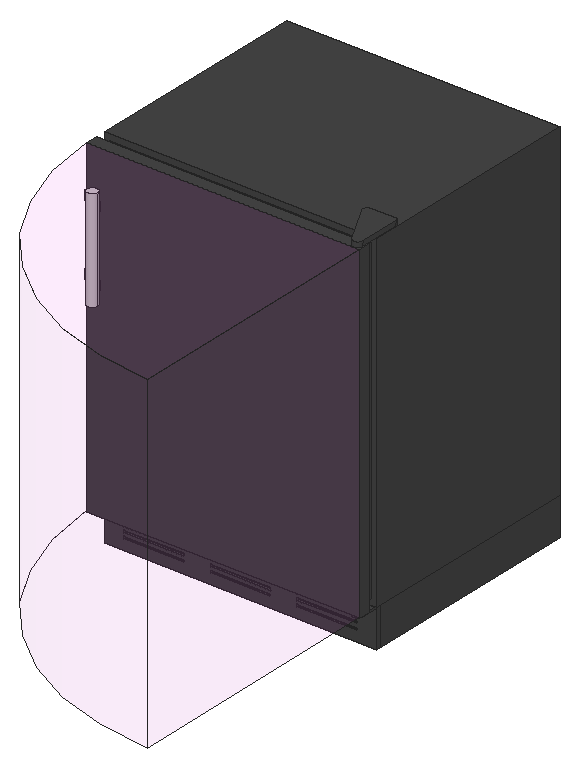
Revit family "QF_Summit_FF63BK_Refrigerator", category Specialty Equipment, Revit 2020
Family settings
  Round Connector Dimension = Use Diameter
  Part Type = Normal
  Work Plane-Based = No
  Always vertical = Yes
  Cut with Voids When Loaded = No
  Shared = No
  Room Calculation Point = No
Parameters
  Weight in Pounds = 100
  Watts = Volts * FL Amps  # 92 W
  Volts = 115 V
  URL Cutsheet = ""
  Specification by User = ""
  Specification by Manufacturer = ""
  Show LHD [instance] = no
  Right Hinged Door [instance] = not(Show LHD)  # yes
  Serial Number = ""
  Seismic Rating = ""
  SMACNA No = ""
  Revision Code = ""
  Refrigerant Volume = 0.00 kip
  Refrigerant Type = "R600a"
  Phase = 1
  Number of Poles = 1
  NAFEM Spec ID Number = ""
  Model = "FF63BK"
  Min Ckt Ampacity = 0 A
  Max Overcurrent Protection = 0 A
  Masterspec = ""
  Manufacturer = "Summit"
  Length = 23 5/8"
  Item Number = ""
  Installed By = ""
  Identify Quantity as Lot = yes
  Height = 32.63"
  HP = ""
  Furnished By = ""
  Foodservice Equipment Identifier = yes
  FL Amps = 0.8 A
  Electrical Remarks = ""
  Electric Connection Type = ""
  Elec Conn RI Height = 0"
  Elec Conn Connection Height = 0"
  Description = "Refrigerator"
  Depth = 22 3/8"
  Default Elevation = 0"
  Cycle = 60 Hz
  Conn Plug = ""
  Conn Conduit = yes
  CSI MasterFormat = ""
  BTUH = 0.0 Btu/h
  Apparent Power = if(Phase = 3, Volts * FL Amps * 1.73, Volts * FL Amps)  # 92 VA
Reference planes (in)
  plane 1 "BACK": y = 0
  plane 2: z = 0
  plane 3 "LEFT": x = 0
  plane 4 "RIGHT": x = 23.625
  plane 5 "FRONT": y = -22.375
  plane 6 "TOP": z = 32.63
  plane 7 "Center Y": x = 11.8125
  plane 8 "Center X": y = -11.1875
  plane 9: z = 32.255
  plane 10: y = -24
  plane 11: y = -45.375
  plane 12: y = -0.75
  plane 13: y = -20.5
  plane 14: z = 0.375
  plane 15: z = 3.625
  plane 16: x = 17.46169
Forms (in)
  Extrusion 1, solid, material "QF_Metallic_Paint_Black_Smooth"
    sketch origin (-4.07558, -180, 0.505) x (-1, 0, 0) y (0, -1, 0)
      loop
        line (-4.07558, -179.25) -> (-4.07558, -159.5) -> (-27.70058, -159.5) -> (-27.70058, -179.25) -> (-4.07558, -179.25)
    from 3.12 to 31.75
  Extrusion 2, solid, material "QF_Metallic_Paint_Black_Smooth"
    sketch origin (-5.77638, -180, 3.755) x (-1, 0, 0) y (0, -1, 0)
      loop
        line (-5.77638, -157.625) -> (-29.40138, -157.625) -> (-29.40138, -158.625) -> (-5.77638, -158.625) -> (-5.77638, -157.625)
    from -0.13 to 28.5
  Extrusion 3, solid, material "QF_Metallic_Paint_Black_Smooth"
    sketch origin (23.5, -21.375, 3.755) x (-1, 0, 0) y (0, 0, 1)
      loop
        line (0.375, 0.37) -> (23, 0.37) -> (23, 28) -> (0.375, 28) -> (0.375, 0.37)
    from 0 to 0.875
  Extrusion 4, solid, material "QF_Metallic_Paint_Black_Smooth", visible <- "Right Hinged Door"
    sketch origin (-5.77638, -180, 32.255) x (-1, 0, 0) y (0, -1, 0)
      loop
        arc (-29.27619, -161.7403) -> (-29.20297, -161.91708) -> (-29.02619, -161.9903) r 0.25
        line (-29.02619, -161.9903) -> (-26.9149, -161.9903)
        arc (-26.9149, -161.9903) -> (-26.55876, -161.78675) -> (-26.55339, -161.37658) r 0.41333
        line (-26.55339, -161.37658) -> (-28.47012, -157.91871)
        arc (-28.47012, -157.91871) -> (-28.95386, -157.71088) -> (-29.27619, -158.12717) r 0.42999
        line (-29.27619, -158.12717) -> (-29.27619, -161.7403)
    from 0 to 0.375
  Extrusion 5, solid, material "QF_Metal_Stainless_Polished", visible <- "Right Hinged Door"
    sketch origin (-1.6459, -180, 28.57544) x (-1, 0, 0) y (0, -1, 0)
      loop
        line (-1.6459, -158.625) -> (-1.5209, -158.625) -> (-1.5209, -157.55854) -> (-2.72981, -156.74311) -> (-3.38781, -156.74311) -> (-3.38781, -156.86811) -> (-2.76803, -156.86811) -> (-1.6459, -157.625) -> (-1.6459, -158.625)
    from 0 to -0.75
  Extrusion 6, solid, material "QF_Metal_Stainless_Polished", visible <- "Right Hinged Door"
    sketch origin (-4.89398, -180, 20.755) x (-1, 0, 0) y (0, -1, 0)
      loop
        circle (-6.30689, -156.43406) r 0.43516
    from 0 to 8.75
  Extrusion 7, solid, material "QF_Metal_Stainless_Polished", visible <- "Right Hinged Door"
    sketch origin (-1.6459, -180, 21.68456) x (0, 1, 0) y (1, 0, 0)
      loop
        line (158.625, 1.6459) -> (157.625, 1.6459) -> (156.86811, 2.76803) -> (156.86811, 3.38781) -> (156.74311, 3.38781) -> (156.74311, 2.72981) -> (157.55854, 1.5209) -> (158.625, 1.5209) -> (158.625, 1.6459)
    from 0 to -0.75
  Extrusion 8, solid, material "QF_Metallic_Paint_Black_Smooth", visible <- "Right Hinged Door"
    sketch origin (-5.77638, -180, 3.625) x (-1, 0, 0) y (0, -1, 0)
      loop
        line (-29.27619, -159.5) -> (-27.5936, -159.5) -> (-28.47012, -157.91871)
        arc (-28.47012, -157.91871) -> (-28.95386, -157.71088) -> (-29.27619, -158.12717) r 0.42999
        line (-29.27619, -158.12717) -> (-29.27619, -159.5)
    from 0 to -0.125
  Extrusion 9, solid, material "QF_Metallic_Paint_Black_Smooth"
    sketch origin (-12.48311, -20.5, 48.25) x (-1, 0, 0) y (0, 0, 1)
      loop
        line (-12.48311, -44.625) -> (-36.10811, -44.625) -> (-36.10811, -47.875) -> (-12.48311, -47.875) -> (-12.48311, -44.625)
      loop
        line (-14.18872, -45.26011) -> (-19.43872, -45.26011) -> (-19.43872, -45.51011) -> (-14.18872, -45.51011) -> (-14.18872, -45.26011)
      loop
        line (-14.18872, -45.76011) -> (-19.43872, -45.76011) -> (-19.43872, -46.01011) -> (-14.18872, -46.01011) -> (-14.18872, -45.76011)
      loop
        line (-14.18872, -46.26011) -> (-19.43872, -46.26011) -> (-19.43872, -46.51011) -> (-14.18872, -46.51011) -> (-14.18872, -46.26011)
      loop
        line (-14.18872, -46.76011) -> (-19.43872, -46.76011) -> (-19.43872, -47.01011) -> (-14.18872, -47.01011) -> (-14.18872, -46.76011)
      loop
        line (-21.67061, -45.26011) -> (-26.92061, -45.26011) -> (-26.92061, -45.51011) -> (-21.67061, -45.51011) -> (-21.67061, -45.26011)
      loop
        line (-21.67061, -45.76011) -> (-26.92061, -45.76011) -> (-26.92061, -46.01011) -> (-21.67061, -46.01011) -> (-21.67061, -45.76011)
      loop
        line (-21.67061, -46.26011) -> (-26.92061, -46.26011) -> (-26.92061, -46.51011) -> (-21.67061, -46.51011) -> (-21.67061, -46.26011)
      loop
        line (-21.67061, -46.76011) -> (-26.92061, -46.76011) -> (-26.92061, -47.01011) -> (-21.67061, -47.01011) -> (-21.67061, -46.76011)
      loop
        line (-34.40249, -45.26011) -> (-34.40249, -45.51011) -> (-29.15249, -45.51011) -> (-29.15249, -45.26011) -> (-34.40249, -45.26011)
      loop
        line (-34.40249, -45.76011) -> (-34.40249, -46.01011) -> (-29.15249, -46.01011) -> (-29.15249, -45.76011) -> (-34.40249, -45.76011)
      loop
        line (-34.40249, -46.26011) -> (-34.40249, -46.51011) -> (-29.15249, -46.51011) -> (-29.15249, -46.26011) -> (-34.40249, -46.26011)
      loop
        line (-34.40249, -46.76011) -> (-34.40249, -47.01011) -> (-29.15249, -47.01011) -> (-29.15249, -46.76011) -> (-34.40249, -46.76011)
    from 0 to 0.25
  Extrusion 10, solid, material "QF_Metallic_Paint_Black_Smooth"
    sketch origin (-12.48311, -1, 48.38) x (-1, 0, 0) y (0, 0, 1)
      loop
        line (-12.48311, -44.755) -> (-36.10811, -44.755) -> (-36.10811, -48.005) -> (-12.48311, -48.005) -> (-12.48311, -44.755)
    from -19.25 to 0.25
  Extrusion 11, solid, material "QF_Metallic_Paint_Black_Smooth"
    sketch origin (-4.07558, -180, 0.375) x (-1, 0, 0) y (0, -1, 0)
      loop
        circle (-7.18598, -161.5) r 0.5
      loop
        circle (-7.18598, -177.25) r 0.5
      loop
        circle (-24.59018, -161.5) r 0.5
      loop
        circle (-24.59018, -177.25) r 0.5
    from 0 to -0.375
  Extrusion 12, solid, material "QF_Metal_Stainless_Polished"
    sketch origin (0, -0.75, 0.505) x (1, 0, 0) y (0, 0, -1)
      loop
        circle (17.46169, -0.84184) r 0.25
    from 0 to 0.25
  Extrusion 13, solid, material "QF_Metallic_Paint_Black_Smooth"
    sketch origin (0, -0.75, 18.005) x (0, -1, 0) y (1, 0, 0)
      loop
        line (-0.75, 9.30778) -> (0, 9.30778) -> (0, 14.31722) -> (-0.75, 14.31722) -> (-0.75, 9.30778)
    from -3 to 3
  Extrusion 14, solid, material "QF_Clearances_Door_Drawer", visible <- "Right Hinged Door"
    sketch origin (-5.77638, -180, 3.625) x (0, -1, 0) y (-1, 0, 0)
      loop
        line (-157.625, -29.40138) -> (-134.625, -29.40138)
        arc (-134.625, -29.40138) -> (-141.49062, -13.07014) -> (-157.625, -5.75388) r 24.27307
        line (-157.625, -5.75388) -> (-157.625, -29.40138)
    from 0 to -28.63
  Extrusion 15, solid, material "QF_Metallic_Paint_Black_Smooth", visible <- "Show LHD"
    sketch origin (29.40138, -180, 32.255) x (1, 0, 0) y (0, 1, 0)
      loop
        line (-29.27619, 161.7403) -> (-29.27619, 158.12717)
        arc (-29.27619, 158.12717) -> (-28.95386, 157.71088) -> (-28.47012, 157.91871) r 0.42999
        line (-28.47012, 157.91871) -> (-26.55339, 161.37658)
        arc (-26.55339, 161.37658) -> (-26.55876, 161.78675) -> (-26.9149, 161.9903) r 0.41333
        line (-26.9149, 161.9903) -> (-29.02619, 161.9903)
        arc (-29.02619, 161.9903) -> (-29.20297, 161.91708) -> (-29.27619, 161.7403) r 0.25
    from 0 to 0.375
  Extrusion 16, solid, material "QF_Metal_Stainless_Polished", visible <- "Show LHD"
    sketch origin (25.2709, -180, 28.57544) x (1, 0, 0) y (0, 1, 0)
      loop
        line (-1.6459, 158.625) -> (-1.6459, 157.625) -> (-2.76803, 156.86811) -> (-3.38781, 156.86811) -> (-3.38781, 156.74311) -> (-2.72981, 156.74311) -> (-1.5209, 157.55854) -> (-1.5209, 158.625) -> (-1.6459, 158.625)
    from 0 to -0.75
  Extrusion 17, solid, material "QF_Metal_Stainless_Polished", visible <- "Show LHD"
    sketch origin (28.51898, -180, 20.755) x (1, 0, 0) y (0, 1, 0)
      loop
        circle (-6.30689, 156.43406) r 0.43516
    from 0 to 8.75
  Extrusion 18, solid, material "QF_Metal_Stainless_Polished", visible <- "Show LHD"
    sketch origin (25.2709, -180, 21.68456) x (0, -1, 0) y (-1, 0, 0)
      loop
        line (-158.625, 1.6459) -> (-158.625, 1.5209) -> (-157.55854, 1.5209) -> (-156.74311, 2.72981) -> (-156.74311, 3.38781) -> (-156.86811, 3.38781) -> (-156.86811, 2.76803) -> (-157.625, 1.6459) -> (-158.625, 1.6459)
    from 0 to -0.75
  Extrusion 19, solid, material "QF_Metallic_Paint_Black_Smooth", visible <- "Show LHD"
    sketch origin (29.40138, -180, 3.625) x (1, 0, 0) y (0, 1, 0)
      loop
        line (-29.27619, 159.5) -> (-29.27619, 158.12717)
        arc (-29.27619, 158.12717) -> (-28.95386, 157.71088) -> (-28.47012, 157.91871) r 0.42999
        line (-28.47012, 157.91871) -> (-27.5936, 159.5) -> (-29.27619, 159.5)
    from 0 to -0.125
  Extrusion 20, solid, material "QF_Clearances_Door_Drawer", visible <- "Show LHD"
    sketch origin (29.40138, -180, 3.625) x (0, 1, 0) y (1, 0, 0)
      loop
        line (157.625, -29.40138) -> (157.625, -5.75388)
        arc (157.625, -5.75388) -> (141.49062, -13.07014) -> (134.625, -29.40138) r 24.27307
        line (134.625, -29.40138) -> (157.625, -29.40138)
    from 0 to -28.63
Lines and regions (in)
  symbolic lines
    curve 1: line (0, -0.75, 0) -> (23.625, -0.75, 0)
    curve 2: line (0, -20.5, 0) -> (0, -0.75, 0)
    curve 3: line (23.625, -20.5, 0) -> (23.49982, -20.5, 0)
    curve 4: line (23.625, -0.75, 0) -> (23.625, -20.5, 0)
    curve 5: line (21.81722, -20.5, 0) -> (1.80778, -20.5, 0)
    curve 12: line (23.625, -22.375, 0) -> (0, -22.375, 0)
    curve 13: line (0, -21.375, 0) -> (0, -22.375, 0)
    curve 14: line (23.625, -21.375, 0) -> (23.49982, -21.375, 0)
    curve 15: line (23.625, -22.375, 0) -> (23.625, -21.375, 0)
    curve 16: line (22.30224, -21.375, 0) -> (1.32276, -21.375, 0)
    curve 24: line (1.08391, -23.25689, 0) -> (1.10657, -23.25689, 0)
    curve 25: line (1.71926, -23.25689, 0) -> (1.74192, -23.25689, 0)
    curve 28: line (9.30778, -0.75, 0) -> (9.30778, 0, 0)
    curve 29: line (9.30778, 0, 0) -> (14.31722, 0, 0)
    curve 30: line (14.31722, 0, 0) -> (14.31722, -0.75, 0)
    curve 42: line (0.12518, -20.5, 0) -> (0, -20.5, 0)
    curve 44: line (0.12518, -21.375, 0) -> (0, -21.375, 0)
  symbolic lines, visible <- "Right Hinged Door"
    curve 6: line (23.49982, -21.87283, 0) -> (23.49982, -18.2597, 0)
    curve 7: arc (23.49982, -18.2597, 0) -> (23.42659, -18.08292, 0) -> (23.24982, -18.0097, 0) r 0.25
    curve 8: line (23.24982, -18.0097, 0) -> (21.13852, -18.0097, 0)
    curve 9: arc (21.13852, -18.0097, 0) -> (20.78238, -18.21325, 0) -> (20.77701, -18.62342, 0) r 0.41333
    curve 10: line (20.77701, -18.62342, 0) -> (22.69374, -22.08129, 0)
    curve 11: arc (22.69374, -22.08129, 0) -> (23.17748, -22.28912, 0) -> (23.49982, -21.87283, 0) r 0.42999
    curve 17: line (-0.125, -21.375, 0) -> (-0.125, -22.44146, 0)
    curve 18: line (-0.125, -22.44146, 0) -> (1.08391, -23.25689, 0)
    curve 19: arc (0.97776, -23.56594, 0) -> (1.41291, -24.0011, 0) -> (1.84807, -23.56594, 0) r 0.43516
    curve 20: line (1.74192, -23.13189, 0) -> (1.12213, -23.13189, 0)
    curve 21: line (1.12213, -23.13189, 0) -> (0, -22.375, 0)
    curve 22: line (1.74192, -23.25689, 0) -> (1.74192, -23.13189, 0)
    curve 23: arc (1.84807, -23.56594, 0) -> (1.73137, -23.26938, 0) -> (1.44385, -23.13189, 0) r 0.43516
    curve 26: arc (1.38198, -23.13189, 0) -> (1.09446, -23.26938, 0) -> (0.97776, -23.56594, 0) r 0.43516
    curve 27: line (0.5, -21.375, 0) -> (0.5, -20.5, 0)
    curve 41: line (1.80778, -20.5, 0) -> (0.12518, -20.5, 0)
    curve 43: line (1.32276, -21.375, 0) -> (0.12518, -21.375, 0)
    curve 48: line (0, -21.375, 0) -> (-0.125, -21.375, 0)
  symbolic lines, style "QF_Clearances_Door_Drawer", visible <- "Right Hinged Door"
    curve 31: line (23.625, -22.375, 0) -> (3.60786, -33.9319, 0)
    curve 32: arc (3.60786, -33.9319, 0) -> (1.08138, -28.45082, 0) -> (-0.01473, -22.51584, 0) r 24.27307
  symbolic lines, style "QF_Clearances_Door_Drawer", visible <- "Show LHD"
    curve 33: line (0, -22.375, 0) -> (20.01714, -33.9319, 0)
    curve 34: arc (20.01714, -33.9319, 0) -> (22.54362, -28.45082, 0) -> (23.63973, -22.51584, 0) r 24.27307
  symbolic lines, visible <- "Show LHD"
    curve 35: line (0.12518, -21.87283, 0) -> (0.12518, -18.2597, 0)
    curve 36: arc (0.12518, -18.2597, 0) -> (0.19841, -18.08292, 0) -> (0.37518, -18.0097, 0) r 0.25
    curve 37: line (0.37518, -18.0097, 0) -> (2.48648, -18.0097, 0)
    curve 38: arc (2.48648, -18.0097, 0) -> (2.84262, -18.21325, 0) -> (2.84799, -18.62342, 0) r 0.41333
    curve 39: line (2.84799, -18.62342, 0) -> (0.93126, -22.08129, 0)
    curve 40: arc (0.93126, -22.08129, 0) -> (0.44752, -22.28912, 0) -> (0.12518, -21.87283, 0) r 0.42999
    curve 45: line (23.125, -21.375, 0) -> (23.125, -20.5, 0)
    curve 46: line (21.81722, -20.5, 0) -> (23.49982, -20.5, 0)
    curve 47: line (22.30224, -21.375, 0) -> (23.49982, -21.375, 0)
    curve 49: line (23.75, -21.375, 0) -> (23.75, -22.44146, 0)
    curve 50: line (23.75, -22.44146, 0) -> (22.54109, -23.25689, 0)
    curve 51: arc (22.64724, -23.56594, 0) -> (22.21209, -24.0011, 0) -> (21.77693, -23.56594, 0) r 0.43516
    curve 52: line (21.88308, -23.13189, 0) -> (22.50287, -23.13189, 0)
    curve 53: line (22.50287, -23.13189, 0) -> (23.625, -22.375, 0)
    curve 54: line (21.88308, -23.25689, 0) -> (21.88308, -23.13189, 0)
    curve 55: arc (21.77693, -23.56594, 0) -> (21.89363, -23.26938, 0) -> (22.18115, -23.13189, 0) r 0.43516
    curve 56: arc (22.24302, -23.13189, 0) -> (22.53054, -23.26938, 0) -> (22.64724, -23.56594, 0) r 0.43516
    curve 57: line (23.625, -21.375, 0) -> (23.75, -21.375, 0)
    curve 58: line (22.54109, -23.25689, 0) -> (22.51843, -23.25689, 0)
    curve 59: line (21.90574, -23.25689, 0) -> (21.88308, -23.25689, 0)
Dimensions and locks (in)
  equal spacing: plane 3 "LEFT", plane 7 "Center Y", plane 4 "RIGHT"
  "Length": plane 3 "LEFT" to plane 4 "RIGHT"
  equal spacing: plane 5 "FRONT", plane 8 "Center X", plane 1 "BACK"
  "Depth": plane 5 "FRONT" to plane 1 "BACK"
  "Height": plane 6 "TOP" to level
  plane 4 "RIGHT" to plane 3 "LEFT" = 23 5/8"
  plane 9 to plane 2 = 32.255"
  plane 6 "TOP" to plane 9 = 3/8"
  plane 10 to plane 5 "FRONT" = 1 5/8"
  plane 1 "BACK" to plane 12 = 3/4"
  plane 12 to plane 13 = 19 3/4"
  plane 13 to plane 11 = 24 7/8"
  plane 1 "BACK" to plane 11 = 45 3/8"
  plane 14 to plane 2 = 3/8"
  locked: plane 15 to plane 14 at 3.25
  plane 9 to plane 14 = 31.88"
  aligned and locked: level to plane 2
  aligned and locked: plane 11 to Extrusion 14 sketch curve
  aligned and locked: plane 11 to Extrusion 20 sketch curve
Automatic sketch dimensions
  Extrusion 1 sketch curve to plane 4 "RIGHT" = 0"
  Extrusion 1 sketch curve to plane 3 "LEFT" = 0"
  Extrusion 1 sketch curve to plane 12 = 0"
  Extrusion 1 sketch curve to plane 13 = 0"
  Extrusion 2 sketch curve to plane 4 "RIGHT" = 0"
  Extrusion 2 sketch curve to plane 3 "LEFT" = 0"
  plane 5 "FRONT" to Extrusion 2 sketch curve = 0"
  Extrusion 2 sketch curve to plane 13 = 7/8"
  Extrusion 2 to Extrusion 3 sketch curve = 1/2"  (x3)
  Extrusion 3 sketch curve to Extrusion 2 = 1/2"
  Extrusion 4 sketch curve to Extrusion 2 = 0.12518"
  Extrusion 4 sketch curve to Extrusion 4 sketch curve = 1/4"
  Extrusion 4 sketch curve to Extrusion 4 sketch curve = 0.42999"
  Extrusion 4 sketch curve to Extrusion 2 = 0.29371"
  Extrusion 4 sketch curve to Extrusion 4 sketch curve = 0.37608"
  Extrusion 4 sketch curve to Extrusion 4 sketch curve = 2.1113"
  Extrusion 4 sketch curve to Extrusion 4 sketch curve = 0.36151"
  Extrusion 2 to Extrusion 4 sketch curve = 2.75158"
  Extrusion 4 sketch curve to Extrusion 4 sketch curve = 0.20039"
  Extrusion 5 sketch curve to plane 3 "LEFT" = 0"
  plane 5 "FRONT" to Extrusion 5 sketch curve = 0"
  plane 3 "LEFT" to Extrusion 5 sketch curve = 1.08391"
  Extrusion 5 sketch curve to Extrusion 5 sketch curve = 0.03822"
  Extrusion 5 sketch curve to Extrusion 5 sketch curve = 0.61979"
  Extrusion 5 sketch curve to plane 3 "LEFT" = 1/8"
  Extrusion 5 sketch curve to plane 13 = 7/8"
  plane 5 "FRONT" to Extrusion 5 sketch curve = 0.06646"
  plane 5 "FRONT" to Extrusion 5 sketch curve = 0.75689"
  Extrusion 5 sketch curve to Extrusion 5 sketch curve = 1/8"
  plane 10 to Extrusion 6 sketch curve = 0.43406"
  plane 3 "LEFT" to Extrusion 6 sketch curve = 1.41291"
  Extrusion 7 sketch curve to plane 3 "LEFT" = 0"
  plane 5 "FRONT" to Extrusion 7 sketch curve = 0"
  plane 5 "FRONT" to Extrusion 7 sketch curve = 0.06646"
  plane 5 "FRONT" to Extrusion 7 sketch curve = 0.75689"
  Extrusion 7 sketch curve to Extrusion 7 sketch curve = 1/8"
  Extrusion 7 sketch curve to plane 3 "LEFT" = 1/8"
  Extrusion 7 sketch curve to plane 13 = 7/8"
  plane 3 "LEFT" to Extrusion 7 sketch curve = 1.08391"
  Extrusion 7 sketch curve to Extrusion 7 sketch curve = 0.03822"
  Extrusion 7 sketch curve to Extrusion 7 sketch curve = 0.61979"
  Extrusion 8 sketch curve to plane 13 = 0"
  plane 4 "RIGHT" to Extrusion 8 sketch curve = 0.12518"
  Extrusion 8 sketch curve to Extrusion 8 sketch curve = 0.42999"
  Extrusion 8 sketch curve to plane 5 "FRONT" = 0.29371"
  Extrusion 8 sketch curve to Extrusion 8 sketch curve = 0.37608"
  Extrusion 8 sketch curve to Extrusion 8 sketch curve = 1.6826"
  plane 4 "RIGHT" to Extrusion 9 sketch curve = 0"
  Extrusion 9 sketch curve to plane 3 "LEFT" = 0"
  Extrusion 9 sketch curve to plane 14 = 0"
  Extrusion 9 sketch curve to plane 15 = 0"
  plane 4 "RIGHT" to Extrusion 9 sketch curve = 1.70562"
  Extrusion 9 sketch curve to Extrusion 9 sketch curve = 0"  (x18)
  plane 16 to Extrusion 9 sketch curve = 0.79231"
  plane 14 to Extrusion 9 sketch curve = 0.86489"  (x2)
  Extrusion 9 sketch curve to Extrusion 9 sketch curve = 2.23188"  (x2)
  Extrusion 9 sketch curve to plane 15 = 1.13511"
  Extrusion 9 sketch curve to plane 7 "Center Y" = 2 5/8"
  plane 14 to Extrusion 9 sketch curve = 1.11489"
  plane 3 "LEFT" to Extrusion 9 sketch curve = 1.70562"
  Extrusion 9 sketch curve to Extrusion 9 sketch curve = 1/4"  (x20)
  plane 4 "RIGHT" to Extrusion 10 sketch curve = 0"
  Extrusion 10 sketch curve to plane 3 "LEFT" = 0"
  Extrusion 10 sketch curve to plane 14 = 0"
  Extrusion 10 sketch curve to plane 15 = 0"
  Extrusion 11 sketch curve to plane 16 = 3.05291"  (x2)
  plane 3 "LEFT" to Extrusion 11 sketch curve = 3.1104"  (x2)
  Extrusion 11 sketch curve to plane 12 = 2"  (x2)
  plane 13 to Extrusion 11 sketch curve = 2"  (x2)
  Extrusion 12 sketch curve to Extrusion 1 = 2.27816"
  Extrusion 12 sketch curve to Extrusion 1 = 6.16331"
  plane 1 "BACK" to Extrusion 13 sketch curve = 0"
  Extrusion 13 sketch curve to plane 12 = 0"
  Extrusion 13 sketch curve to plane 7 "Center Y" = 2.50472"
  plane 7 "Center Y" to Extrusion 13 sketch curve = 2.50472"
  Extrusion 14 sketch curve to Extrusion 2 = 0"  (x2)
  Extrusion 14 sketch curve to Extrusion 2 = 0.02249"
  Extrusion 14 sketch curve to Extrusion 2 = 0.26583"
  Extrusion 15 sketch curve to Extrusion 2 = 0.12518"
  Extrusion 15 sketch curve to Extrusion 15 sketch curve = 1/4"
  Extrusion 15 sketch curve to Extrusion 15 sketch curve = 0.42999"
  Extrusion 15 sketch curve to Extrusion 2 = 0.29371"
  Extrusion 15 sketch curve to Extrusion 15 sketch curve = 0.37608"
  Extrusion 15 sketch curve to Extrusion 15 sketch curve = 2.1113"
  Extrusion 15 sketch curve to Extrusion 15 sketch curve = 0.36151"
  Extrusion 2 to Extrusion 15 sketch curve = 2.75158"
  Extrusion 15 sketch curve to Extrusion 15 sketch curve = 0.20039"
  Extrusion 16 sketch curve to plane 4 "RIGHT" = 0"
  plane 5 "FRONT" to Extrusion 16 sketch curve = 0"
  plane 4 "RIGHT" to Extrusion 16 sketch curve = 1.08391"
  Extrusion 16 sketch curve to Extrusion 16 sketch curve = 0.03822"
  Extrusion 16 sketch curve to Extrusion 16 sketch curve = 0.61979"
  Extrusion 16 sketch curve to plane 4 "RIGHT" = 1/8"
  plane 5 "FRONT" to Extrusion 16 sketch curve = 0.06646"
  plane 5 "FRONT" to Extrusion 16 sketch curve = 0.75689"
  Extrusion 16 sketch curve to Extrusion 16 sketch curve = 1/8"
  Extrusion 16 sketch curve to plane 13 = 7/8"
  plane 10 to Extrusion 17 sketch curve = 0.43406"
  plane 4 "RIGHT" to Extrusion 17 sketch curve = 1.41291"
  Extrusion 18 sketch curve to plane 4 "RIGHT" = 0"
  plane 5 "FRONT" to Extrusion 18 sketch curve = 0"
  Extrusion 18 sketch curve to plane 4 "RIGHT" = 1/8"
  Extrusion 18 sketch curve to plane 13 = 7/8"
  plane 5 "FRONT" to Extrusion 18 sketch curve = 0.06646"
  plane 5 "FRONT" to Extrusion 18 sketch curve = 0.75689"
  Extrusion 18 sketch curve to Extrusion 18 sketch curve = 1/8"
  plane 4 "RIGHT" to Extrusion 18 sketch curve = 1.08391"
  Extrusion 18 sketch curve to Extrusion 18 sketch curve = 0.03822"
  Extrusion 18 sketch curve to Extrusion 18 sketch curve = 0.61979"
  Extrusion 19 sketch curve to plane 13 = 0"
  plane 3 "LEFT" to Extrusion 19 sketch curve = 0.12518"
  Extrusion 19 sketch curve to Extrusion 19 sketch curve = 0.42999"
  Extrusion 19 sketch curve to plane 5 "FRONT" = 0.29371"
  Extrusion 19 sketch curve to Extrusion 19 sketch curve = 0.37608"
  Extrusion 19 sketch curve to Extrusion 19 sketch curve = 1.6826"
  Extrusion 20 sketch curve to Extrusion 2 = 0"  (x2)
  Extrusion 20 sketch curve to Extrusion 2 = 0.02249"
  Extrusion 20 sketch curve to Extrusion 2 = 0.59255"
  curve 19 to curve 26 = 0"
  curve 23 to curve 26 = 0"
  curve 51 to curve 55 = 0"
  curve 51 to curve 56 = 0"
  curve 2 to plane 3 "LEFT" = 0"
  curve 33 to plane 3 "LEFT" = 0"
  curve 41 to plane 13 = 0"
  curve 42 to plane 13 = 0"
  curve 5 to plane 13 = 0"
  plane 1 "BACK" to curve 28 = 0"
  curve 28 to plane 12 = 0"
  curve 46 to plane 13 = 0"
  curve 3 to plane 13 = 0"
  curve 4 to plane 4 "RIGHT" = 0"
  curve 31 to plane 4 "RIGHT" = 0"
  plane 5 "FRONT" to curve 31 = 0"
  curve 17 to plane 3 "LEFT" = 1/8"
  curve 34 to plane 13 = 0.60917"
  curve 34 to plane 3 "LEFT" = 0.59255"
  plane 3 "LEFT" to curve 35 = 0.12518"
  curve 35 to curve 36 = 1/4"
  curve 35 to curve 40 = 0.42999"
  curve 39 to plane 5 "FRONT" = 0.29371"
  curve 40 to curve 39 = 0.37608"
  plane 10 to curve 18 = 0.74311"
  plane 3 "LEFT" to curve 18 = 1.08391"
  curve 18 to curve 21 = 0.03822"
  curve 18 to curve 19 = 0.329"
  curve 19 to curve 25 = 0.329"
  curve 37 to curve 37 = 2.1113"
  curve 38 to curve 39 = 0.36151"
  plane 3 "LEFT" to curve 31 = 3.60786"
  curve 28 to plane 7 "Center Y" = 2.50472"
  plane 7 "Center Y" to curve 30 = 2.50472"
  curve 33 to plane 16 = 2.55545"
  plane 4 "RIGHT" to curve 10 = 2.84799"
  curve 9 to curve 8 = 0.36151"
  plane 5 "FRONT" to curve 54 = 0.75689"
  plane 4 "RIGHT" to curve 54 = 1.74192"
  curve 54 to curve 56 = 0.329"
  curve 51 to curve 53 = 0.29079"
  curve 10 to plane 5 "FRONT" = 0.29371"
  plane 4 "RIGHT" to curve 10 = 0.93126"
  curve 10 to curve 11 = 0.37608"
  plane 4 "RIGHT" to curve 8 = 0.37518"
  plane 4 "RIGHT" to curve 6 = 0.12518"
  curve 49 to plane 4 "RIGHT" = 1/8"
  curve 32 to plane 13 = 0.60917"
  curve 32 to plane 4 "RIGHT" = 0.59255"
  plane 10 to curve 26 = 0.43406"
  plane 10 to curve 56 = 0.43406"
  curve 33 to plane 10 = 9.9319"
  curve 31 to plane 10 = 9.9319"
  curve 19 to curve 22 = 0.30906"
  curve 22 to curve 22 = 1/8"
  plane 5 "FRONT" to curve 17 = 0.06646"
  plane 5 "FRONT" to curve 49 = 0.06646"
  curve 11 to curve 57 = 0.49783"
  curve 40 to curve 48 = 0.49783"
  plane 13 to curve 39 = 1.87658"
  plane 13 to curve 10 = 1.87658"
  curve 9 to curve 9 = 0.20039"
  curve 38 to curve 38 = 0.20039"
  curve 41 to curve 27 = 0.37482"
  curve 19 to curve 18 = 0.10616"
  curve 40 to curve 43 = 0.3915"
  curve 16 to curve 43 = 0"
  curve 55 to curve 54 = 0.10616"
  curve 47 to curve 16 = 0"
  curve 52 to curve 58 = 0.03822"
  curve 45 to curve 3 = 0.37482"
  curve 34 to plane 4 "RIGHT" = 0.01473"
  curve 54 to curve 52 = 1/8"
  radius of Extrusion 6 sketch curve = 0.43516"
  radius of Extrusion 11 sketch curve = 1/2"  (x4)
  radius of Extrusion 12 sketch curve = 1/4"
  radius of Extrusion 17 sketch curve = 0.43516"
Connectors (in)
  electrical at (17.46169, -0.5, 1.34684), driven by "Volts", driven by "Watts"
    settings: on Extrusion 12, index 2, voltage 115 V, apparent load 92 VA, apparent load phase1 0 VA, apparent load phase2 0 VA, apparent load phase3 0 VA, power factor 1, load classification "Other", number of poles 1, system type 30, power factor state 1, is connector primary yes, connector utility no, sub classification motor no, connector description ""
